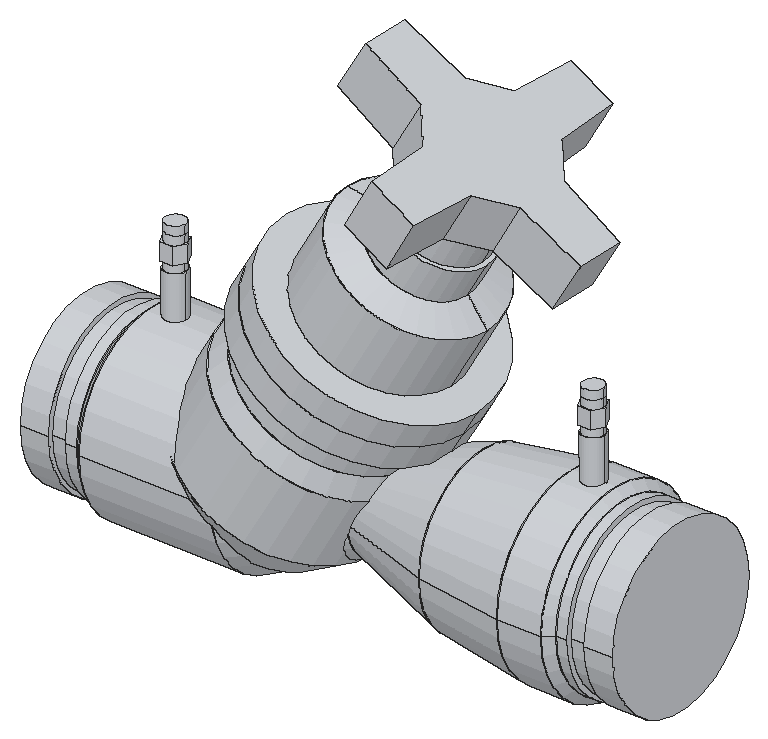
Revit family "447_d-DN080-RFA_2018", category Pipe Accessories, Revit 2018
Family settings
  Round Connector Dimension = Use Diameter
  Part Type = Valve - Breaks Into
  Work Plane-Based = No
  Always vertical = Yes
  Cut with Voids When Loaded = No
  Shared = No
Parameters (values of type "447_d-DN080")
  magiProductId = "f43aa02b4841429783243073d22ea7"
  magiProductFamilyId = "eab8c084d85f47fc9aed3208e9defb"
  magiPartTypeId = 304
  isMeasuringValve [instance] = no
  ang2D [instance] = 0.00°
  W3 = 14.437 mm
  W2D = 100 mm
  W2 = 30.026 mm
  W1 = 12.736 mm
  VersionID = "2.0/2018.4.11.4/ZETKAMA_447_GROOVED_001"
  Use Minimum Symbol Size [instance] = yes
  URL = "www.hydronix.cz"
  Type Comments = "drážkový spoj; PN16; -10~+120°C;"
  R9 = 57.85 mm
  R8 = 24.475 mm
  R7 = 26.7 mm
  R6 = 53.4 mm
  R5 = 65 mm
  R4 = 24.475 mm
  R3 = 48.95 mm
  R2 = 42.275 mm
  R13 = 6.649 mm
  R12 = 5.204 mm
  R11 = 5.782 mm
  R1 = 44.5 mm
  R = 40 mm
  QmdConnectorList = "301;D;302;D"
  Productdata [instance] = ""
  Model = ""
  Manufacturer = "Hydronix"
  Maintenance Zone Under Depth [instance] = 45 mm
  Maintenance Zone Right Depth [instance] = 310 mm
  Maintenance Zone Over Depth [instance] = 220 mm
  Maintenance Zone Left Depth [instance] = 310 mm
  Maintenance Zone Front Depth [instance] = 130 mm
  Maintenance Zone Back Depth [instance] = 130 mm
  Maintenance Zone Front Visibility [instance] = no
  MC Product Code = "447 080 d (DN80; PN16 kvs104,3)"
  MC Piping Given Pressure Drop [instance] = 0.0 Pa
  L9 = 46.254 mm
  L8__ve = -L8  # -23.127 mm
  L8 = 23.127 mm
  L6 = 69.381 mm
  L5 = 4.429 mm
  L4__ve = -L4  # -5.905 mm
  L4 = 5.905 mm
  L3__ve = -L3  # -8.857 mm
  L3 = 8.857 mm
  L2__ve = -L2  # -14.762 mm
  L2D_Min = 3048 mm
  L2D = 350 mm
  L2 = 14.762 mm
  L13 = 11.563 mm
  L12 = 12.736 mm
  L11 = 14.437 mm
  L10 = 30.026 mm
  L1 = 155 mm
  KZ = 25.833 mm
  KL = 44.745 mm
  H9 = 5.774 mm
  H8 = 37.528 mm
  H7 = 14.434 mm
  H6 = 17.321 mm
  H5 = 11.547 mm
  H4 = 43.301 mm
  H17 = 8.8 mm
  H16 = 4.4 mm
  H15 = 70.95 mm
  H14 = 28.868 mm
  H13 = 21.651 mm
  H11 = 23.094 mm
  H10 = 20.207 mm
  Description = "Ruční vyvažovací ventil s drážkovým spojem"
  D = 80 mm
  CenSd_R13_6 = R13 * cos(30.00°)  # 5.758 mm
  Clearance Zone Height Depth [instance] = 220 mm
  Clearance Zone Circular Radius [instance] = 155 mm
  Clearance Zone Visibility [instance] = no
Types (10, lengths in mm): name | magiProductId | W3 | W2 | W1 | R9 | R8 | R7 | R6 | R5 | R4 | R3 | R2 | R13 | R12 | R11 | R1 | R | Maintenance Zone Under Depth | Maintenance Zone Right Depth | Maintenance Zone Over Depth | Maintenance Zone Left Depth | Maintenance Zone Front Depth | Maintenance Zone Back Depth | MC Product Code | L9 | L8__ve | L8 | L6 | L5 | L4__ve | L4 | L3__ve | L3 | L2__ve | L2 | L13 | L12 | L11 | L10 | L1 | KZ | KL | H9 | H8 | H7 | H6 | H5 | H4 | H17 | H16 | H15 | H14 | H13 | H11 | H10 | D | CenSd_R13_6 | Clearance Zone Height Depth | Clearance Zone Circular Radius
  447_d-DN100 | "e5a6bfdd9ca54003a0551f5d760c3c" | 14.437 | 30.026 | 12.736 | 74.1 | 31.35 | 34.2 | 68.4 | 65 | 31.35 | 62.7 | 54.15 | 7.507 | 5.875 | 6.528 | 57 | 50 | 57 | 350 | 240 | 350 | 130 | 130 | "447 100 d (DN100; PN16 kvs180,5)" | 52.222 | -26.111 | 26.111 | 78.333 | 5 | -6.667 | 6.667 | -10 | 10 | -16.667 | 16.667 | 13.056 | 12.736 | 14.437 | 30.026 | 175 | 29.167 | 50.518 | 6.389 | 41.531 | 15.973 | 19.168 | 12.779 | 47.92 | 9.6 | 4.8 | 86.7 | 31.947 | 23.96 | 25.557 | 22.363 | 100 | 6.501 | 240 | 175
  447_d-DN125 | "5795ec580370482d8c46e49d975863" | 14.437 | 30.026 | 12.736 | 91.65 | 38.775 | 42.3 | 84.6 | 65 | 38.775 | 77.55 | 66.975 | 8.579 | 6.714 | 7.46 | 70.5 | 62.5 | 71 | 400 | 260 | 400 | 130 | 130 | "447 125 d (DN125; PN16 kvs280,0)" | 59.683 | -29.841 | 29.841 | 89.524 | 5.714 | -7.619 | 7.619 | -11.429 | 11.429 | -19.048 | 19.048 | 14.921 | 12.736 | 14.437 | 30.026 | 200 | 33.333 | 57.735 | 7.005 | 45.534 | 17.513 | 21.016 | 14.01 | 52.539 | 10.4 | 5.2 | 103.55 | 35.026 | 26.269 | 28.021 | 24.518 | 125 | 7.43 | 260 | 200
  447_d-DN150 | "9b6b5ad10a674c51b522359e7e2d39" | 14.437 | 30.026 | 12.736 | 109.2 | 46.2 | 50.4 | 100.8 | 65 | 46.2 | 92.4 | 79.8 | 10.295 | 8.057 | 8.952 | 84 | 75 | 84 | 480 | 285 | 480 | 130 | 130 | "447 150 d (DN150; PN16 kvs383,4)" | 71.619 | -35.81 | 35.81 | 107.429 | 6.857 | -9.143 | 9.143 | -13.714 | 13.714 | -22.857 | 22.857 | 17.905 | 12.736 | 14.437 | 30.026 | 240 | 40 | 69.282 | 7.775 | 50.537 | 19.437 | 23.325 | 15.55 | 58.312 | 11.4 | 5.7 | 120.9 | 38.875 | 29.156 | 31.1 | 27.212 | 150 | 8.916 | 285 | 240
  447_d-DN200 | "f5a67fe5c2444fc986ed7f87b9a4ed" | 31.658 | 71.601 | 30.372 | 142.35 | 60.225 | 65.7 | 131.4 | 155 | 60.225 | 120.45 | 104.025 | 12.869 | 10.071 | 11.19 | 109.5 | 100 | 110 | 600 | 480 | 600 | 310 | 310 | "447 200 d (DN200; PN16 kvs710,0)" | 89.524 | -44.762 | 44.762 | 134.286 | 8.571 | -11.429 | 11.429 | -17.143 | 17.143 | -28.571 | 28.571 | 22.381 | 30.372 | 31.658 | 71.601 | 300 | 50 | 86.603 | 12.394 | 80.56 | 30.984 | 37.181 | 24.788 | 92.953 | 19.2 | 9.6 | 168.45 | 61.969 | 46.477 | 49.575 | 43.378 | 200 | 11.145 | 480 | 300
  447_d-DN250 | "7d63ae0d28f64990bc8ce3477101ef" | 31.658 | 71.601 | 30.372 | 177.45 | 75.075 | 81.9 | 163.8 | 155 | 75.075 | 150.15 | 129.675 | 15.657 | 12.254 | 13.615 | 136.5 | 125 | 137 | 730 | 525 | 730 | 310 | 310 | "447 250 d (DN250; PN16 kvs1187,5)" | 108.921 | -54.46 | 54.46 | 163.381 | 10.429 | -13.905 | 13.905 | -20.857 | 20.857 | -34.762 | 34.762 | 27.23 | 30.372 | 31.658 | 71.601 | 365 | 60.833 | 105.366 | 13.779 | 89.566 | 34.449 | 41.338 | 27.559 | 103.346 | 21 | 10.5 | 202.65 | 68.897 | 51.673 | 55.118 | 48.228 | 250 | 13.56 | 525 | 365
  447_d-DN300 | "0a2a34dba99a430aa7daf784d6b0c1" | 31.658 | 71.601 | 30.372 | 210.6 | 89.1 | 97.2 | 194.4 | 155 | 89.1 | 178.2 | 153.9 | 18.231 | 14.268 | 15.853 | 162 | 150 | 162 | 850 | 535 | 850 | 310 | 310 | "447 300 d (DN300; PN16 kvs1504,1)" | 126.825 | -63.413 | 63.413 | 190.238 | 12.143 | -16.19 | 16.19 | -24.286 | 24.286 | -40.476 | 40.476 | 31.706 | 30.372 | 31.658 | 71.601 | 425 | 70.833 | 122.687 | 14.087 | 91.568 | 35.218 | 42.262 | 28.175 | 105.655 | 21.4 | 10.7 | 231.7 | 70.437 | 52.828 | 56.349 | 49.306 | 300 | 15.789 | 535 | 425
  447_d-DN040 | "6dc4a6b5eb924103b02307904d600f" | 9.08 | 17.092 | 7.25 | 31.2 | 13.2 | 14.4 | 28.8 | 37 | 13.2 | 26.4 | 22.8 | 4.29 | 3.357 | 3.73 | 24 | 20 | 24 | 200 | 130 | 200 | 74 | 74 | "447 040 d (DN40; PN16 kvs22,36)" | 29.841 | -14.921 | 14.921 | 44.762 | 2.857 | -3.81 | 3.81 | -5.714 | 5.714 | -9.524 | 9.524 | 7.46 | 7.25 | 9.08 | 17.092 | 100 | 16.667 | 28.868 | 3.433 | 22.317 | 8.583 | 10.3 | 6.867 | 25.75 | 5.2 | 2.6 | 39.4 | 17.167 | 12.875 | 13.733 | 12.017 | 40 | 3.715 | 130 | 100
  447_d-DN050 | "b59a3d0ad4654cda90cee0c397c848" | 9.08 | 17.092 | 7.25 | 39 | 16.5 | 18 | 36 | 37 | 16.5 | 33 | 28.5 | 4.933 | 3.861 | 4.29 | 30 | 25 | 30 | 230 | 130 | 230 | 130 | 130 | "447 050 d (DN50; PN16 kvs32,15)" | 34.317 | -17.159 | 17.159 | 51.476 | 3.286 | -4.381 | 4.381 | -6.571 | 6.571 | -10.952 | 10.952 | 8.579 | 7.25 | 9.08 | 17.092 | 115 | 19.167 | 33.198 | 3.433 | 22.317 | 8.583 | 10.3 | 6.867 | 25.75 | 5.2 | 2.6 | 46 | 17.167 | 12.875 | 13.733 | 12.017 | 50 | 4.272 | 130 | 115
  447_d-DN065 | "356db372cd37496c9ff0d3ad255dc6" | 14.437 | 30.026 | 12.736 | 49.4 | 20.9 | 22.8 | 45.6 | 65 | 20.9 | 41.8 | 36.1 | 6.22 | 4.868 | 5.409 | 38 | 32.5 | 38 | 290 | 220 | 290 | 130 | 130 | "447 065 d (DN65; PN16 kvs83,3)" | 43.27 | -21.635 | 21.635 | 64.905 | 4.143 | -5.524 | 5.524 | -8.286 | 8.286 | -13.81 | 13.81 | 10.817 | 12.736 | 14.437 | 30.026 | 145 | 24.167 | 41.858 | 5.774 | 37.528 | 14.434 | 17.321 | 11.547 | 43.301 | 8.8 | 4.4 | 63.8 | 28.868 | 21.651 | 23.094 | 20.207 | 65 | 5.387 | 220 | 145
  447_d-DN080 | "f43aa02b4841429783243073d22ea7" | 14.437 | 30.026 | 12.736 | 57.85 | 24.475 | 26.7 | 53.4 | 65 | 24.475 | 48.95 | 42.275 | 6.649 | 5.204 | 5.782 | 44.5 | 40 | 45 | 310 | 220 | 310 | 130 | 130 | "447 080 d (DN80; PN16 kvs104,3)" | 46.254 | -23.127 | 23.127 | 69.381 | 4.429 | -5.905 | 5.905 | -8.857 | 8.857 | -14.762 | 14.762 | 11.563 | 12.736 | 14.437 | 30.026 | 155 | 25.833 | 44.745 | 5.774 | 37.528 | 14.434 | 17.321 | 11.547 | 43.301 | 8.8 | 4.4 | 70.95 | 28.868 | 21.651 | 23.094 | 20.207 | 80 | 5.758 | 220 | 155
Reference planes
  plane 1 "Center (Front/Back)": y = 0
  plane 2 "XYPLANE": z = 0
  plane 3 "Center (Left/Right)": x = 0
  plane 4 "159": y = 130
  plane 5 "158": y = -130
  plane 6 "157": z = -45
  plane 7 "156": z = 220
  plane 8 "155": x = -310
  plane 9 "154": x = 310
  plane 10 "132": z = 88.55
  plane 11 "125": z = 84.15
  plane 12 "120": z = 75.35
  plane 13 "119": z = 70.95
  plane 14 "112": x = 109.484
  plane 15 "111": x = -109.484
  plane 16 "109": y = -14.437
  plane 17 "108": y = 14.437
  plane 18 "105": through (347.28, 0, 665.523) normal (0.866, 0, -0.5)
  plane 19 "104": through (325.22, 0, 678.26) normal (0.866, 0, -0.5)
  plane 20 "103": y = -30.026
  plane 21 "102": y = -12.736
  plane 22 "101": y = 30.026
  plane 23 "100": y = 12.736
  plane 24 "99": through (323.747, 0, 679.11) normal (0.866, 0, -0.5)
  plane 25 "98": through (310.247, 0, 686.904) normal (0.866, 0, -0.5)
  plane 26 "97": through (348.753, 0, 664.673) normal (0.866, 0, -0.5)
  plane 27 "96": through (362.253, 0, 656.878) normal (0.866, 0, -0.5)
  plane 28 "95": y = -65
  plane 29 "94": y = 65
  plane 30 "93": through (392.542, 0, 639.391) normal (0.866, 0, -0.5)
  plane 31 "92": through (279.958, 0, 704.391) normal (0.866, 0, -0.5)
  plane 32 "88": x = 51.667
  plane 33 "87": x = 97.921
  plane 34 "81": through (-568.616, 0, 515.128) normal (0.5, 0, 0.866)
  plane 35 "80": through (-580.163, 0, 495.128) normal (0.5, 0, 0.866)
  plane 36 "75": through (-590.267, 0, 477.628) normal (0.5, 0, 0.866)
  plane 37 "72": through (-593.154, 0, 472.628) normal (0.5, 0, 0.866)
  plane 38 "68": through (-611.918, 0, 440.128) normal (0.5, 0, 0.866)
  plane 39 "67": through (-619.134, 0, 427.628) normal (0.5, 0, 0.866)
  plane 40 "62": through (-673.261, 0, 333.878) normal (0.5, 0, 0.866)
  plane 41 "61": through (-626.351, 0, 415.128) normal (0.5, 0, 0.866)
  plane 42 "58": through (-635.012, 0, 400.128) normal (0.5, 0, 0.866)
  plane 43 "56": through (-640.785, 0, 390.128) normal (0.5, 0, 0.866)
  plane 44 "51": y = 0
  plane 45 "49": through (336.25, 0, 671.891) normal (0.866, 0, -0.5)
  plane 46 "48": through (-662.436, 0, 352.628) normal (0.5, 0, 0.866)
  plane 47 "30": x = 121.048
  plane 48 "29": x = 125.476
  plane 49 "28": x = 131.381
  plane 50 "27": x = 140.238
  plane 51 "14": x = -51.667
  plane 52 "13": x = -121.048
  plane 53 "12": x = -125.476
  plane 54 "11": x = -131.381
  plane 55 "10": x = -140.238
  plane 56 "8": x = -155
  plane 57 "7": x = 155
  plane 58 "6": y = 0
  plane 59 "5": x = 0
  plane 60 "4": z = 0
  plane 61 "45XY": through (-649.519, 0, 375) normal (0.5, 0, 0.866)
  plane 62 "45XZ": y = 0
  plane 63 "45YZ": through (375, 0, 649.519) normal (0.866, 0, -0.5)
Forms (mm)
  Blend 1, solid, visible <- "Maintenance Zone Front Visibility"
    base sketch origin (-750, 0, -45) x (1, 0, 0) y (0, 1, 0)
      loop
        line (440, 130) -> (440, -130) -> (1060, -130) -> (1060, 130) -> (440, 130)
    top sketch origin (-750, 0, -45) x (1, 0, 0) y (0, 1, 0)
      loop
        line (440, 130) -> (440, -130) -> (1060, -130) -> (1060, 130) -> (440, 130)
    from 0 to 265
  Extrusion 2, solid, visible <- "Clearance Zone Visibility"
    sketch origin (-750, 0, 0) x (1, 0, 0) y (0, 1, 0)
      loop
        circle (750, 0) r 155
    from 0 to 220 <- "Clearance Zone Height Depth"
  Extrusion 3, solid
    sketch origin (-750, 0, 88.55) x (1, 0, 0) y (0, 1, 0)
      loop
        circle (859.484, 0) r 5.204
    from 0 to 4.4 <- "H16"
  Extrusion 4, solid
    sketch origin (-750, 0, 84.15) x (1, 0, 0) y (0, 1, 0)
      loop
        circle (859.484, 0) r 5.204
    from 0 to 4.4 <- "H16"
  Extrusion 5, solid
    sketch origin (-750, 0, 88.55) x (1, 0, 0) y (0, 1, 0)
      loop
        circle (640.516, 0) r 5.204
    from 0 to 4.4 <- "H16"
  Extrusion 6, solid
    sketch origin (-750, 0, 84.15) x (1, 0, 0) y (0, 1, 0)
      loop
        circle (640.516, 0) r 5.204
    from 0 to 4.4 <- "H16"
  Extrusion 7, solid
    sketch origin (-750, 0, 75.35) x (1, 0, 0) y (0, 1, 0)
      loop
        line (866.133, 0) -> (862.809, 5.758) -> (856.16, 5.758) -> (852.835, 0) -> (856.16, -5.758) -> (862.809, -5.758) -> (866.133, 0)
    from 0 to 8.8 <- "H17"
  Extrusion 8, solid
    sketch origin (-750, 0, 75.35) x (1, 0, 0) y (0, 1, 0)
      loop
        line (647.165, 0) -> (643.84, 5.758) -> (637.191, 5.758) -> (633.867, 0) -> (637.191, -5.758) -> (643.84, -5.758) -> (647.165, 0)
    from 0 to 8.8 <- "H17"
  Extrusion 9, solid
    sketch origin (-750, 0, 70.95) x (1, 0, 0) y (0, 1, 0)
      loop
        circle (859.484, 0) r 5.204
    from 0 to 4.4 <- "H16"
  Extrusion 10, solid
    sketch origin (-750, 0, 70.95) x (1, 0, 0) y (0, 1, 0)
      loop
        circle (640.516, 0) r 5.204
    from 0 to 4.4 <- "H16"
  Extrusion 11, solid
    sketch origin (-750, 0, 0) x (1, 0, 0) y (0, 1, 0)
      loop
        circle (859.484, 0) r 5.782
    from 0 to 70.95 <- "H15"
  Extrusion 12, solid
    sketch origin (-750, 0, 0) x (1, 0, 0) y (0, 1, 0)
      loop
        circle (640.516, 0) r 5.782
    from 0 to 70.95 <- "H15"
  Extrusion 13, solid
    sketch origin (-568.616, 0, 515.128) x (0.866025, 0, -0.5) y (0, 1, 0)
      loop
        line (640.255, 12.736) -> (640.255, -12.736) -> (675.229, -14.437) -> (690.818, -30.026) -> (692.519, -65) -> (717.992, -65) -> (719.693, -30.026) -> (735.281, -14.437) -> (770.255, -12.736) -> (770.255, 12.736) -> (735.281, 14.437) -> (719.693, 30.026) -> (717.992, 65) -> (692.519, 65) -> (690.818, 30.026) -> (675.229, 14.437) -> (640.255, 12.736)
    from 0 to 28.868 <- "H14"
  Blend 14, solid
    base sketch origin (97.921, -750, 0) x (0, 1, 0) y (0, 0, 1)
      loop
        circle (750, 0) r 48.95
    top sketch origin (97.921, -750, 0) x (0, 1, 0) y (0, 0, 1)
      loop
        circle (750, 0) r 42.275
    from 0 to -46.254
  Extrusion 15, solid
    sketch origin (-619.134, 0, 427.628) x (0.866025, 0, -0.5) y (0, 1, 0)
      loop
        circle (705.255, 0) r 57.85
    from 0 to 14.434 <- "H7"
  Extrusion 16, solid
    sketch origin (-626.351, 0, 415.128) x (0.866025, 0, -0.5) y (0, 1, 0)
      loop
        circle (705.255, 0) r 57.85
    from 0 to 14.434 <- "H7"
  Extrusion 17, solid
    sketch origin (-580.163, 0, 495.128) x (0.866025, 0, -0.5) y (0, 1, 0)
      loop
        circle (705.255, 0) r 24.475
    from 0 to 23.094 <- "H11"
  Blend 18, solid
    base sketch origin (-593.154, 0, 472.628) x (0.866025, 0, -0.5) y (0, 1, 0)
      loop
        circle (705.255, 0) r 42.275
    top sketch origin (-593.154, 0, 472.628) x (0.866025, 0, -0.5) y (0, 1, 0)
      loop
        circle (705.255, 0) r 26.7
    from 0 to 5.774
  Extrusion 19, solid
    sketch origin (-611.918, 0, 440.128) x (0.866025, 0, -0.5) y (0, 1, 0)
      loop
        circle (705.255, 0) r 42.275
    from 0 to 37.528 <- "H8"
  Extrusion 20, solid
    sketch origin (-590.267, 0, 477.628) x (0.866025, 0, -0.5) y (0, 1, 0)
      loop
        circle (705.255, 0) r 26.7
    from 0 to 20.207 <- "H10"
  Blend 21, solid
    base sketch origin (-662.436, 0, 352.628) x (0.866025, 0, -0.5) y (0, 1, 0)
      loop
        circle (705.255, 0) r 53.4
    top sketch origin (-662.436, 0, 352.628) x (0.866025, 0, -0.5) y (0, 1, 0)
      loop
        circle (705.255, 0) r 40
    from 0 to -21.651
  Extrusion 22, solid
    sketch origin (-635.012, 0, 400.128) x (0.866025, 0, -0.5) y (0, 1, 0)
      loop
        circle (705.255, 0) r 48.95
    from 0 to 17.321 <- "H6"
  Blend 23, solid
    base sketch origin (-640.785, 0, 390.128) x (0.866025, 0, -0.5) y (0, 1, 0)
      loop
        circle (705.255, 0) r 53.4
    top sketch origin (-640.785, 0, 390.128) x (0.866025, 0, -0.5) y (0, 1, 0)
      loop
        circle (705.255, 0) r 48.95
    from 0 to 11.547
  Extrusion 24, solid
    sketch origin (-662.436, 0, 352.628) x (0.866025, 0, -0.5) y (0, 1, 0)
      loop
        circle (705.255, 0) r 53.4
    from 0 to 43.301 <- "H4"
  Extrusion 25, solid
    sketch origin (155, -750, 0) x (0, 1, 0) y (0, 0, 1)
      loop
        circle (750, 0) r 44.5
    from 0 to -14.762 <- "L2__ve"
  Extrusion 26, solid
    sketch origin (140.238, -750, 0) x (0, 1, 0) y (0, 0, 1)
      loop
        circle (750, 0) r 42.275
    from 0 to -8.857 <- "L3__ve"
  Extrusion 27, solid
    sketch origin (131.381, -750, 0) x (0, 1, 0) y (0, 0, 1)
      loop
        circle (750, 0) r 44.5
    from 0 to -5.905 <- "L4__ve"
  Blend 28, solid
    base sketch origin (125.476, -750, 0) x (0, 1, 0) y (0, 0, 1)
      loop
        circle (750, 0) r 44.5
    top sketch origin (125.476, -750, 0) x (0, 1, 0) y (0, 0, 1)
      loop
        circle (750, 0) r 48.95
    from 0 to -4.429
  Extrusion 29, solid
    sketch origin (121.048, -750, 0) x (0, 1, 0) y (0, 0, 1)
      loop
        circle (750, 0) r 48.95
    from 0 to -23.127 <- "L8__ve"
  Blend 30, solid
    base sketch origin (51.667, -750, 0) x (0, 1, 0) y (0, 0, 1)
      loop
        circle (750, 0) r 42.275
    top sketch origin (51.667, -750, 0) x (0, 1, 0) y (0, 0, 1)
      loop
        circle (750, 0) r 24.475
    from 0 to -51.667
  Blend 31, solid
    base sketch origin (-51.667, -750, 0) x (0, 1, 0) y (0, 0, 1)
      loop
        circle (750, 0) r 48.95
    top sketch origin (-51.667, -750, 0) x (0, 1, 0) y (0, 0, 1)
      loop
        circle (750, 0) r 24.475
    from 0 to 51.667
  Extrusion 32, solid
    sketch origin (-121.048, -750, 0) x (0, 1, 0) y (0, 0, 1)
      loop
        circle (750, 0) r 48.95
    from 0 to 69.381 <- "L6"
  Blend 33, solid
    base sketch origin (-125.476, -750, 0) x (0, 1, 0) y (0, 0, 1)
      loop
        circle (750, 0) r 44.5
    top sketch origin (-125.476, -750, 0) x (0, 1, 0) y (0, 0, 1)
      loop
        circle (750, 0) r 48.95
    from 0 to 4.429
  Extrusion 34, solid
    sketch origin (-131.381, -750, 0) x (0, 1, 0) y (0, 0, 1)
      loop
        circle (750, 0) r 44.5
    from 0 to 5.905 <- "L4"
  Extrusion 35, solid
    sketch origin (-140.238, -750, 0) x (0, 1, 0) y (0, 0, 1)
      loop
        circle (750, 0) r 42.275
    from 0 to 8.857 <- "L3"
  Extrusion 36, solid
    sketch origin (-155, -750, 0) x (0, 1, 0) y (0, 0, 1)
      loop
        circle (750, 0) r 44.5
    from 0 to 14.762 <- "L2"
  Extrusion 37, solid, not visible
    sketch origin (-155, -750, 0) x (0, 1, 0) y (0, 0, 1)
      loop
        circle (750, 0) r 10
    from 0 to 10
  Extrusion 38, solid, not visible
    sketch origin (155, -750, 0) x (0, 1, 0) y (0, 0, 1)
      loop
        circle (750, 0) r 10
    from 0 to -10
Lines and regions (mm)
  reference lines, not visible
    curve 1: circle (2, 2, 0) r 1 normal (0, 0, 1)
  reference lines
    curve 2: line (109.484, 0, 75.35) -> (107.607, 3.251, 75.35)
    curve 3: line (109.484, 0, 75.35) -> (105.731, 0, 75.35)
    curve 4: line (109.484, 0, 75.35) -> (107.607, -3.251, 75.35)
    curve 5: line (-109.484, 0, 75.35) -> (-111.361, 3.251, 75.35)
    curve 6: line (-109.484, 0, 75.35) -> (-113.238, 0, 75.35)
    curve 7: line (-109.484, 0, 75.35) -> (-111.361, -3.251, 75.35)
Dimensions and locks
  plane 1 "Center (Front/Back)" to curve 1 = 2 mm
  "Maintenance Zone Back Depth": plane 1 "Center (Front/Back)" to plane 4 "159"
  "Maintenance Zone Front Depth": plane 1 "Center (Front/Back)" to plane 5 "158"
  "Maintenance Zone Under Depth": plane 2 "XYPLANE" to plane 6 "157"
  "Maintenance Zone Over Depth": plane 2 "XYPLANE" to plane 7 "156"
  "Maintenance Zone Left Depth": plane 3 "Center (Left/Right)" to plane 8 "155"
  "Maintenance Zone Right Depth": plane 3 "Center (Left/Right)" to plane 9 "154"
  "H16": plane 11 "125" to plane 10 "132"
  "H17": plane 12 "120" to plane 11 "125"
  "H16": plane 13 "119" to plane 12 "120"
  "H15": plane 2 "XYPLANE" to plane 13 "119"
  "L13": plane 47 "30" to plane 14 "112"
  "L13": plane 52 "13" to plane 15 "111"
  "W3": plane 44 "51" to plane 16 "109"
  "W3": plane 44 "51" to plane 17 "108"
  "L12": plane 45 "49" to plane 18 "105"
  "L12": plane 45 "49" to plane 19 "104"
  "W2": plane 58 "6" to plane 20 "103"
  "W1": plane 58 "6" to plane 21 "102"
  "W2": plane 58 "6" to plane 22 "101"
  "W1": plane 58 "6" to plane 23 "100"
  "L11": plane 45 "49" to plane 24 "99"
  "L10": plane 45 "49" to plane 25 "98"
  "L11": plane 45 "49" to plane 26 "97"
  "L10": plane 45 "49" to plane 27 "96"
  "R5": plane 58 "6" to plane 28 "95"
  "R5": plane 58 "6" to plane 29 "94"
  "R5": plane 45 "49" to plane 30 "93"
  "R5": plane 45 "49" to plane 31 "92"
  "L9": plane 33 "87" to plane 32 "88"
  "L8": plane 47 "30" to plane 33 "87"
  "H11": plane 35 "80" to plane 34 "81"
  "H10": plane 36 "75" to plane 35 "80"
  "H9": plane 37 "72" to plane 36 "75"
  "H8": plane 38 "68" to plane 37 "72"
  "H7": plane 39 "67" to plane 38 "68"
  "H7": plane 41 "61" to plane 39 "67"
  "H13": plane 46 "48" to plane 40 "62"
  "H6": plane 42 "58" to plane 41 "61"
  "H5": plane 43 "56" to plane 42 "58"
  "H4": plane 46 "48" to plane 43 "56"
  locked: plane 58 "6" to plane 44 "51"
  "KL": plane 63 "45YZ" to plane 45 "49"
  "KZ": plane 61 "45XY" to plane 46 "48"
  "L5": plane 48 "29" to plane 47 "30"
  "L4": plane 49 "28" to plane 48 "29"
  "L3": plane 50 "27" to plane 49 "28"
  "L2": plane 57 "7" to plane 50 "27"
  "L6": plane 52 "13" to plane 51 "14"
  "L5": plane 53 "12" to plane 52 "13"
  "L4": plane 54 "11" to plane 53 "12"
  "L3": plane 55 "10" to plane 54 "11"
  "L2": plane 56 "8" to plane 55 "10"
  "L1": plane 3 "Center (Left/Right)" to plane 56 "8"
  "L1": plane 3 "Center (Left/Right)" to plane 57 "7"
  locked: plane 1 "Center (Front/Back)" to plane 58 "6"
  locked: plane 3 "Center (Left/Right)" to plane 59 "5"
  locked: plane 2 "XYPLANE" to plane 60 "4"
  Blend 1 sketch curve to Blend 1 sketch curve = 0 mm  (x16)
  "CenSd_R13_6": curve 2 to Extrusion 7 sketch curve  (x2)
  "CenSd_R13_6": curve 3 to Extrusion 7 sketch curve  (x2)
  "CenSd_R13_6": curve 4 to Extrusion 7 sketch curve  (x2)
  Extrusion 7 sketch curve to Extrusion 7 sketch curve = 0 mm  (x12)
  "CenSd_R13_6": curve 5 to Extrusion 8 sketch curve  (x2)
  "CenSd_R13_6": curve 6 to Extrusion 8 sketch curve  (x2)
  "CenSd_R13_6": curve 7 to Extrusion 8 sketch curve  (x2)
  Extrusion 8 sketch curve to Extrusion 8 sketch curve = 0 mm  (x12)
  Extrusion 13 sketch curve to Extrusion 13 sketch curve = 0 mm  (x32)
  "Clearance Zone Circular Radius": radius of Extrusion 2 sketch curve
  "R12": radius of Extrusion 3 sketch curve
  "R12": radius of Extrusion 4 sketch curve
  "R12": radius of Extrusion 5 sketch curve
  "R12": radius of Extrusion 6 sketch curve
  "R12": radius of Extrusion 9 sketch curve
  "R12": radius of Extrusion 10 sketch curve
  "R11": radius of Extrusion 11 sketch curve
  "R11": radius of Extrusion 12 sketch curve
  "R2": radius of Blend 14 sketch curve
  "R3": radius of Blend 14 sketch curve
  "R9": radius of Extrusion 15 sketch curve
  "R9": radius of Extrusion 16 sketch curve
  "R8": radius of Extrusion 17 sketch curve
  "R7": radius of Blend 18 sketch curve
  "R2": radius of Blend 18 sketch curve
  "R2": radius of Extrusion 19 sketch curve
  "R7": radius of Extrusion 20 sketch curve
  "R": radius of Blend 21 sketch curve
  "R6": radius of Blend 21 sketch curve
  "R3": radius of Extrusion 22 sketch curve
  "R3": radius of Blend 23 sketch curve
  "R6": radius of Blend 23 sketch curve
  "R6": radius of Extrusion 24 sketch curve
  "R1": radius of Extrusion 25 sketch curve
  "R2": radius of Extrusion 26 sketch curve
  "R1": radius of Extrusion 27 sketch curve
  "R3": radius of Blend 28 sketch curve
  "R1": radius of Blend 28 sketch curve
  "R3": radius of Extrusion 29 sketch curve
  "R4": radius of Blend 30 sketch curve
  "R2": radius of Blend 30 sketch curve
  "R4": radius of Blend 31 sketch curve
  "R3": radius of Blend 31 sketch curve
  "R3": radius of Extrusion 32 sketch curve
  "R3": radius of Blend 33 sketch curve
  "R1": radius of Blend 33 sketch curve
  "R1": radius of Extrusion 34 sketch curve
  "R2": radius of Extrusion 35 sketch curve
  "R1": radius of Extrusion 36 sketch curve
  locked: curve 3 to curve 2 (angle 60.00°)
  locked: curve 4 to curve 3 (angle 60.00°)
  locked: curve 4 to curve 2 (angle 120.00°)
  locked: curve 6 to curve 5 (angle 60.00°)
  locked: curve 7 to curve 6 (angle 60.00°)
  locked: curve 7 to curve 5 (angle 120.00°)
  aligned and locked: level to plane 2 "XYPLANE"
  aligned and locked: Blend 1 sketch curve to plane 8 "155"  (x2)
  aligned and locked: plane 4 "159" to Blend 1 sketch curve  (x4)
  aligned and locked: plane 5 "158" to Blend 1 sketch curve  (x4)
  aligned and locked: plane 8 "155" to Blend 1 sketch curve  (x2)
  aligned and locked: plane 9 "154" to Blend 1 sketch curve  (x4)
  aligned and locked: plane 7 "156" to Blend 1
  aligned and locked: plane 58 "6" to Extrusion 2 sketch curve
  aligned and locked: plane 59 "5" to Extrusion 2 sketch curve
  aligned and locked: plane 14 "112" to Extrusion 3 sketch curve
  aligned and locked: plane 58 "6" to Extrusion 3 sketch curve
  aligned and locked: plane 14 "112" to Extrusion 4 sketch curve
  aligned and locked: plane 58 "6" to Extrusion 4 sketch curve
  aligned and locked: plane 15 "111" to Extrusion 5 sketch curve
  aligned and locked: plane 58 "6" to Extrusion 5 sketch curve
  aligned and locked: plane 15 "111" to Extrusion 6 sketch curve
  aligned and locked: plane 58 "6" to Extrusion 6 sketch curve
  aligned and locked: plane 14 "112" to curve 4
  aligned and locked: plane 58 "6" to curve 4
  aligned and locked: plane 15 "111" to curve 6
  aligned and locked: plane 58 "6" to curve 6
  aligned and locked: plane 14 "112" to Extrusion 9 sketch curve
  aligned and locked: plane 58 "6" to Extrusion 9 sketch curve
  aligned and locked: plane 15 "111" to Extrusion 10 sketch curve
  aligned and locked: plane 58 "6" to Extrusion 10 sketch curve
  aligned and locked: plane 14 "112" to Extrusion 11 sketch curve
  aligned and locked: plane 58 "6" to Extrusion 11 sketch curve
  aligned and locked: plane 15 "111" to Extrusion 12 sketch curve
  aligned and locked: plane 58 "6" to Extrusion 12 sketch curve
  aligned and locked: Extrusion 13 sketch curve to plane 31 "92"  (x2)
  aligned and locked: plane 23 "100" to Extrusion 13 sketch curve  (x2)
  aligned and locked: plane 21 "102" to Extrusion 13 sketch curve  (x2)
  aligned and locked: plane 16 "109" to Extrusion 13 sketch curve  (x2)
  aligned and locked: Extrusion 13 sketch curve to plane 25 "98"
  aligned and locked: plane 20 "103" to Extrusion 13 sketch curve  (x2)
  aligned and locked: Extrusion 13 sketch curve to plane 24 "99"
  aligned and locked: plane 28 "95" to Extrusion 13 sketch curve  (x2)
  aligned and locked: Extrusion 13 sketch curve to plane 19 "104"
  aligned and locked: Extrusion 13 sketch curve to plane 18 "105"
  aligned and locked: Extrusion 13 sketch curve to plane 26 "97"
  aligned and locked: Extrusion 13 sketch curve to plane 27 "96"
  aligned and locked: Extrusion 13 sketch curve to plane 30 "93"
  aligned and locked: plane 30 "93" to Extrusion 13 sketch curve
  aligned and locked: plane 17 "108" to Extrusion 13 sketch curve  (x2)
  aligned and locked: plane 27 "96" to Extrusion 13 sketch curve
  aligned and locked: plane 22 "101" to Extrusion 13 sketch curve  (x2)
  aligned and locked: plane 26 "97" to Extrusion 13 sketch curve
  aligned and locked: plane 18 "105" to Extrusion 13 sketch curve
  aligned and locked: plane 29 "94" to Extrusion 13 sketch curve  (x2)
  aligned and locked: plane 19 "104" to Extrusion 13 sketch curve
  aligned and locked: plane 24 "99" to Extrusion 13 sketch curve
  aligned and locked: plane 25 "98" to Extrusion 13 sketch curve
  aligned and locked: Blend 14 sketch curve to plane 58 "6"  (x2)
  aligned and locked: plane 60 "4" to Blend 14 sketch curve  (x2)
  aligned and locked: Blend 14 to plane 32 "88"
  aligned and locked: plane 44 "51" to Extrusion 15 sketch curve
  aligned and locked: Extrusion 15 sketch curve to plane 45 "49"
  aligned and locked: plane 44 "51" to Extrusion 16 sketch curve
  aligned and locked: Extrusion 16 sketch curve to plane 45 "49"
  aligned and locked: plane 44 "51" to Extrusion 17 sketch curve
  aligned and locked: Extrusion 17 sketch curve to plane 45 "49"
  aligned and locked: plane 44 "51" to Blend 18 sketch curve  (x2)
  aligned and locked: Blend 18 sketch curve to plane 45 "49"  (x2)
  aligned and locked: plane 36 "75" to Blend 18
  aligned and locked: plane 44 "51" to Extrusion 19 sketch curve
  aligned and locked: Extrusion 19 sketch curve to plane 45 "49"
  aligned and locked: plane 44 "51" to Extrusion 20 sketch curve
  aligned and locked: Extrusion 20 sketch curve to plane 45 "49"
  aligned and locked: plane 44 "51" to Blend 21 sketch curve  (x2)
  aligned and locked: Blend 21 sketch curve to plane 45 "49"  (x2)
  aligned and locked: Blend 21 to plane 40 "62"
  aligned and locked: plane 44 "51" to Extrusion 22 sketch curve
  aligned and locked: Extrusion 22 sketch curve to plane 45 "49"
  aligned and locked: plane 44 "51" to Blend 23 sketch curve  (x2)
  aligned and locked: Blend 23 sketch curve to plane 45 "49"  (x2)
  aligned and locked: plane 42 "58" to Blend 23
  aligned and locked: plane 44 "51" to Extrusion 24 sketch curve
  aligned and locked: Extrusion 24 sketch curve to plane 45 "49"
  aligned and locked: Extrusion 25 sketch curve to plane 58 "6"
  aligned and locked: plane 60 "4" to Extrusion 25 sketch curve
  aligned and locked: Extrusion 26 sketch curve to plane 58 "6"
  aligned and locked: plane 60 "4" to Extrusion 26 sketch curve
  aligned and locked: Extrusion 27 sketch curve to plane 58 "6"
  aligned and locked: plane 60 "4" to Extrusion 27 sketch curve
  aligned and locked: Blend 28 sketch curve to plane 58 "6"  (x2)
  aligned and locked: plane 60 "4" to Blend 28 sketch curve  (x2)
  aligned and locked: Blend 28 to plane 47 "30"
  aligned and locked: Extrusion 29 sketch curve to plane 58 "6"
  aligned and locked: plane 60 "4" to Extrusion 29 sketch curve
  aligned and locked: Blend 30 sketch curve to plane 58 "6"  (x2)
  aligned and locked: plane 60 "4" to Blend 30 sketch curve  (x2)
  aligned and locked: Blend 30 to plane 59 "5"
  aligned and locked: Blend 31 sketch curve to plane 58 "6"  (x2)
  aligned and locked: plane 60 "4" to Blend 31 sketch curve  (x2)
  aligned and locked: plane 59 "5" to Blend 31
  aligned and locked: Extrusion 32 sketch curve to plane 58 "6"
  aligned and locked: plane 60 "4" to Extrusion 32 sketch curve
  aligned and locked: Blend 33 sketch curve to plane 58 "6"  (x2)
  aligned and locked: plane 60 "4" to Blend 33 sketch curve  (x2)
  aligned and locked: plane 52 "13" to Blend 33
  aligned and locked: Extrusion 34 sketch curve to plane 58 "6"
  aligned and locked: plane 60 "4" to Extrusion 34 sketch curve
  aligned and locked: Extrusion 35 sketch curve to plane 58 "6"
  aligned and locked: plane 60 "4" to Extrusion 35 sketch curve
  aligned and locked: Extrusion 36 sketch curve to plane 58 "6"
  aligned and locked: plane 60 "4" to Extrusion 36 sketch curve
  aligned and locked: Extrusion 37 sketch curve to plane 58 "6"
  aligned and locked: plane 60 "4" to Extrusion 37 sketch curve
  aligned and locked: Extrusion 38 sketch curve to plane 58 "6"
  aligned and locked: plane 60 "4" to Extrusion 38 sketch curve
Automatic sketch dimensions
  plane 21 "102" to Extrusion 37 sketch curve = 2.736 mm
  plane 21 "102" to Extrusion 38 sketch curve = 2.736 mm
  plane 3 "Center (Left/Right)" to curve 1 = 2 mm
  radius of curve 1 = 1 mm
Connectors
  piping at (-155, 0, 0), diameter 80, driven by "D"
    settings: on Extrusion 37, index 1, connector inside diameter 609.6 mm, connector length 0 mm, flow factor 0, pipe flow 0.0 L/s, pressure drop 0.0 Pa, fitting loss kfactor 0, connector angle 0.00°, fixture units 0, engagement length 0 mm, angle of deflection 0.00°, flow configuration 0, flow direction 0, fitting loss method 0, system type 29, joint type 0, gender type 0, connector reference index 2, connector utility 0, adjustable connector no, is connector primary yes, connector description ""
  piping at (155, 0, 0), diameter 80, driven by "D"
    settings: on Extrusion 38, index 2, connector inside diameter 609.6 mm, connector length 0 mm, flow factor 0, pipe flow 0.0 L/s, pressure drop 0.0 Pa, fitting loss kfactor 0, connector angle 0.00°, fixture units 0, engagement length 0 mm, angle of deflection 0.00°, flow configuration 0, flow direction 0, fitting loss method 0, system type 29, joint type 0, gender type 0, connector reference index 1, connector utility 0, adjustable connector no, is connector primary no, connector description ""
